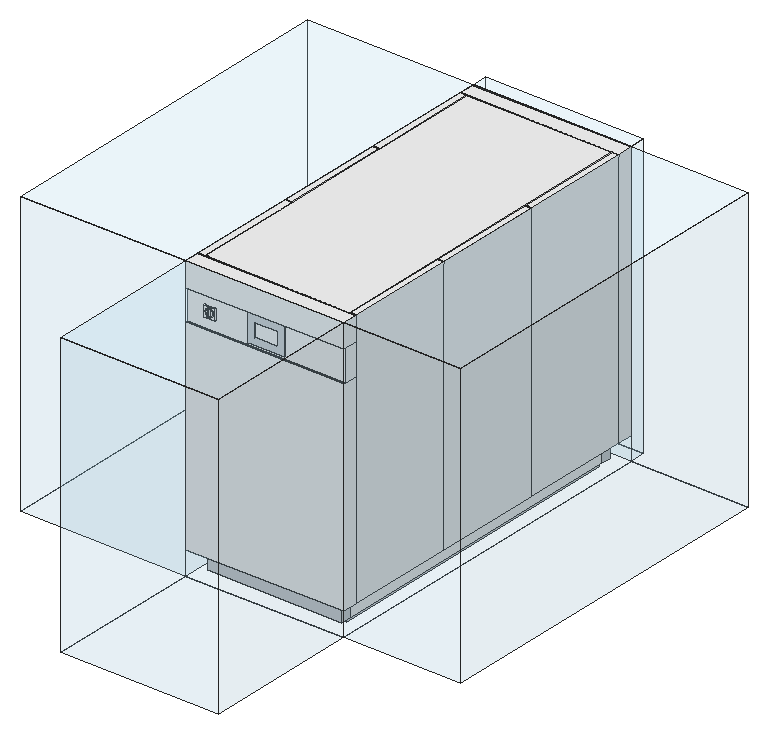
Revit family "VIESSMANN - Vitocal 350-G Pro", category Wyposażenie mechaniczne, Revit 2017
Family settings
  Wymiar okrągłego złącza = Użyj średnicy
  Typ części = Normalny
  Numer OmniClass = 23.75.10.21.17
  Tytuł OmniClass = Water-Source Heat Pumps
  Oparty na płaszczyźnie roboczej = Nie
  Zawsze pionowo = Tak
  Tnij formami wycięć po wczytaniu = Nie
  Współdzielony = Nie
  Punkt obliczania pomieszczeń = Nie
Parameters (values of type "BW 352.B027")
  Średnica odejścia 2 = 65 mm
  Średnica odejścia 1 = 65 mm
  Znamionowa moc grzewcza = 27.2 kW
  Zasilanie elektryczne (V/ph/Hz) = "3LNPE/400 V/50 Hz"
  Wysokość całkowita = 1450 mm
  Wydajność chłodnicza = 20.8 kW
  Współczynnik mocy = [Cos Phi sprężarki przy maks. mocy w B15/W35]  # 0.63
  Wielkość napełnienia (wytyczna) = 4.20 kg
  Wewnętrzne zabezpieczenie pomp i zaworów (3/N/PE) = "C40A"
  Wewnętrzne zabezpieczenie na sprężarkę (3/N/PE) = "gG25A"
  Viessmann Kolor 1 = Viessmann Kolor 1
  URL = "https://www.viessmann-projektant.pl/baza-urzadzen/pompy-ciepla-solankawoda-50-kw/vitocal350gpro"
  Typ = Vitocal 350-G Pro : BW 352.B027, BW 352.B034, BW 352.B056
  Szerokość całkowita = 811 mm
  System rozruchowy = "Moduł łagodnego rozruchu"
  Strefa serwisowa [instance] = yes
  Stopień ochrony = "IP20"
  Stopień efektywności ε (COP) = 4.2
  Rodzaj sprężarki = "Tłok"
  Prąd rozruchowy jednej sprężarki = 32 A
  Producent = "Viessmann Sp. z o.o."
  Poziom mocy akustycznej = "53 dB(A)"
  Podłączenie elektryczne wysokość = 1365.5 mm
  Podłączenie elektryczne odsunięcie = 696.5 mm
  Podłączenie D wysokość = 504 mm
  Podłączenie D odsunięcie = 106 mm
  Podłączenie C wysokość = 964 mm
  Podłączenie C odsunięcie = 106 mm
  Podłączenie B wysokość = 504 mm
  Podłączenie B odsunięcie = 389 mm
  Podłączenie A wysokość = 964 mm
  Podłączenie A odsunięcie = 389 mm
  Pobór mocy elektrycznej = 6.4 kW
  Opis = "Pompy ciepła z napędem elektrycznym do ogrzewania i podgrzewu ciepłej wody użytkowej w jedno- lub dwusystemowych instalacjach grzewczych."
  Odsunięcie strefy serwisowej w szerokości = Szerokość całkowita / 2  # 405.5 mm
  Odsunięcie od ściany komunikat [instance] = if(Odsunięcie od ściany < 80 mm, "UWAGA. Wymagana jest odległość od ściany ≥ 80 mm", "ok")  # "ok"
  Odsunięcie od ściany [instance] = 80 mm
  Obieg wtórny. Znamionowy przepływ objętościowy (wartość zalecana do projektowania) = 4.7 m³/h
  Obieg wtórny. Różnica temperatur = 5 °C
  Obieg wtórny. Pojemność wymiennika ciepła (woda) = 3.7 L
  Obieg wtórny. Opór przepływu przy znamionowym przepływie objętościowym (całkowita strata ciśnienia skraplacza z przyłączami) = 15.0 kPa
  Obieg wtórny. Opór przepływu przy minimalnym przepływie objętościowym = 8.0 kPa
  Obieg wtórny. Minimalny przepływ objętościowy = 3.5 m³/h
  Obieg wtórny. Min. temperatura na zasilaniu zasobnika lodu = -10 °C
  Obieg wtórny. Maks. temperatura na zasilaniu na wlocie z obiegu pierwotnego B -2°C = 73 °C
  Obieg wtórny. Dop. ciśnienie robocze = 1.0 MPa
  Obieg wtórny od strony zestawu przyłączy (kołnierz) = "DN 65/PN 10"
  Obieg wtórny od strony skraplacza (Victaulic) = "2½\" (DN 65)"
  Obieg pierwotny. Znamionowy przepływ objętościowy (wartość zalecana do projektowania) = 6.4 m³/h
  Obieg pierwotny. Różnica temperatur = 3 °C
  Obieg pierwotny. Pojemność wymiennika ciepła (solanka) = 4.4 L
  Obieg pierwotny. Opór przepływu przy znamionowym przepływie objętościowym (całkowita strata ciśnienia skraplacza z przyłączami) = 12.0 kPa
  Obieg pierwotny. Opór przepływu przy minimalnym przepływie objętościowym = 7.0 kPa
  Obieg pierwotny. Ochrona przed zamarzaniem/temperatura początku krystalizacji (zalecany czynnik chłodzący Tyfocor) = -16.1 °C
  Obieg pierwotny. Minimalny przepływ objętościowy = 4.8 m³/h
  Obieg pierwotny. Dop. ciśnienie robocze = 1.0 MPa
  Obieg pierwotny od strony zestawu przyłączy (kołnierz) = "DN 65/PN 10"
  Obieg pierwotny od strony parownika (Victaulic) = "2½\" (DN 65)"
  Obciążenie pozorne = Całkowity maksymalny pobór mocy / Współczynnik mocy  # 49206.3 VA
  Natężenie znamionowe sprężarek (łącznie) = 15 A
  Napięcie znamionowe = 400 V
  Model = "Solankowa pompa ciepła Vitocal 350-G PRO 80kW / Brine-water heat pump Vitocal 350-G PRO 80kW"  # constant formula
  Masa całkowita (urządzenie podstawowe bez opcjonalnej obudowy) = 555.00 kg
  Maksymalne dopuszczalne zabezpieczenie zasilania przez inwestora = 63 A
  Maks. prąd roboczy = 55 A
  Liczba sprężarek = 2
  Liczba obiegów chłodniczych = 1
  Liczba biegunów = 3  # constant formula
  Klasa efektywności energetycznej. Zastosowanie średniotemperaturowe (W55) = "A+"
  Klasa efektywności energetycznej. Zastosowanie niskotemperaturowe (W35) = "A+"
  Ilość oleju = 5.0 L
  Długość strefy serwisowej od przodu = 800 mm
  Długość całkowita = 1848 mm
  Dopuszczalne ciśnienie robocze. Strona wysokociśnieniowa = 2.6 MPa
  Dopuszczalne ciśnienie robocze. Strona niskociśnieniowa = 1.6 MPa
  Dane dotyczące mocy w trybie grzewczym. Zastosowanie średniotemperaturowe (W55). Sezonowy stopień efektywności (SCOP) = 3.01
  Dane dotyczące mocy w trybie grzewczym. Zastosowanie średniotemperaturowe (W55). Efektywność energetyczna = 112.00%
  Dane dotyczące mocy w trybie grzewczym. Zastosowanie niskotemperaturowe (W35). Sezonowy stopień efektywności (SCOP) = 3.87
  Dane dotyczące mocy w trybie grzewczym. Zastosowanie niskotemperaturowe (W35). Efektywność energetyczna = 147.00%
  Częstotliwość = 50 Hz
  Czynnik chłodniczy = "R134a"
  Cos Phi sprężarki przy maks. mocy w B15/W35 = 0.63
  Całkowity prąd rozruchowy = 74 A
  Całkowity maksymalny pobór mocy = 31.0 kW
  Autor = "www.archispace.pl"
Types (11, lengths in mm): name | Średnica odejścia 2 | Średnica odejścia 1 | Znamionowa moc grzewcza | Wysokość całkowita | Wydajność chłodnicza | Współczynnik mocy | Wielkość napełnienia (wytyczna) | Wewnętrzne zabezpieczenie na sprężarkę (3/N/PE) | Typ | Szerokość całkowita | Stopień efektywności ε (COP) | Prąd rozruchowy jednej sprężarki | Poziom mocy akustycznej | Pobór mocy elektrycznej | Odsunięcie strefy serwisowej w szerokości | Obieg wtórny. Znamionowy przepływ objętościowy (wartość zalecana do projektowania) | Obieg wtórny. Pojemność wymiennika ciepła (woda) | Obieg wtórny. Opór przepływu przy znamionowym przepływie objętościowym (całkowita strata ciśnienia skraplacza z przyłączami) | Obieg wtórny. Opór przepływu przy minimalnym przepływie objętościowym | Obieg wtórny. Minimalny przepływ objętościowy | Obieg wtórny od strony zestawu przyłączy (kołnierz) | Obieg wtórny od strony skraplacza (Victaulic) | Obieg pierwotny. Znamionowy przepływ objętościowy (wartość zalecana do projektowania) | Obieg pierwotny. Pojemność wymiennika ciepła (solanka) | Obieg pierwotny. Opór przepływu przy znamionowym przepływie objętościowym (całkowita strata ciśnienia skraplacza z przyłączami) | Obieg pierwotny. Opór przepływu przy minimalnym przepływie objętościowym | Obieg pierwotny. Minimalny przepływ objętościowy | Obieg pierwotny od strony zestawu przyłączy (kołnierz) | Obieg pierwotny od strony parownika (Victaulic) | Obciążenie pozorne | Natężenie znamionowe sprężarek (łącznie) | Masa całkowita (urządzenie podstawowe bez opcjonalnej obudowy) | Maksymalne dopuszczalne zabezpieczenie zasilania przez inwestora | Maks. prąd roboczy | Liczba sprężarek | Klasa efektywności energetycznej. Zastosowanie niskotemperaturowe (W35) | Ilość oleju | Długość całkowita | Dane dotyczące mocy w trybie grzewczym. Zastosowanie średniotemperaturowe (W55). Sezonowy stopień efektywności (SCOP) | Dane dotyczące mocy w trybie grzewczym. Zastosowanie średniotemperaturowe (W55). Efektywność energetyczna | Dane dotyczące mocy w trybie grzewczym. Zastosowanie niskotemperaturowe (W35). Sezonowy stopień efektywności (SCOP) | Dane dotyczące mocy w trybie grzewczym. Zastosowanie niskotemperaturowe (W35). Efektywność energetyczna | Cos Phi sprężarki przy maks. mocy w B15/W35 | Całkowity prąd rozruchowy | Całkowity maksymalny pobór mocy
  (no name) | 65 | 65 | 27.2 kW | 1450 | 20.8 kW | 0.63 | 4.20 kg | "gG25A" | Vitocal 350-G Pro : BW 352.B027, BW 352.B034, BW 352.B056 | 811 | 4.2 | 32 A | "53 dB(A)" | 6.4 kW | 405.5 | 4.7 m³/h | 3.7 L | 15.0 kPa | 8.0 kPa | 3.5 m³/h | "DN 65/PN 10" | "2½\" (DN 65)" | 6.4 m³/h | 4.4 L | 12.0 kPa | 7.0 kPa | 4.8 m³/h | "DN 65/PN 10" | "2½\" (DN 65)" | 49206.3 VA | 15 A | 555.00 kg | 63 A | 55 A | 2 | "A+" | 5.0 L | 1848 | 3.01 | 112.00% | 3.87 | 147.00% | 0.63 | 74 A | 31.0 kW
  BW 352.B027 | 65 | 65 | 27.2 kW | 1450 | 20.8 kW | 0.63 | 4.20 kg | "gG25A" | Vitocal 350-G Pro : BW 352.B027, BW 352.B034, BW 352.B056 | 811 | 4.2 | 32 A | "53 dB(A)" | 6.4 kW | 405.5 | 4.7 m³/h | 3.7 L | 15.0 kPa | 8.0 kPa | 3.5 m³/h | "DN 65/PN 10" | "2½\" (DN 65)" | 6.4 m³/h | 4.4 L | 12.0 kPa | 7.0 kPa | 4.8 m³/h | "DN 65/PN 10" | "2½\" (DN 65)" | 49206.3 VA | 15 A | 555.00 kg | 63 A | 55 A | 2 | "A+" | 5.0 L | 1848 | 3.01 | 112.00% | 3.87 | 147.00% | 0.63 | 74 A | 31.0 kW
  BW 352.B034 | 65 | 65 | 34.3 kW | 1450 | 26.4 kW | 0.63 | 5.20 kg | "gG25A" | Vitocal 350-G Pro : BW 352.B027, BW 352.B034, BW 352.B056 | 811 | 4.4 | 39 A | "54 dB(A)" | 7.9 kW | 405.5 | 5.9 m³/h | 4.7 L | 15.0 kPa | 8.0 kPa | 4.5 m³/h | "DN 65/PN 10" | "2½\" (DN 65)" | 8.2 m³/h | 5.5 L | 13.0 kPa | 7.0 kPa | 6.1 m³/h | "DN 65/PN 10" | "2½\" (DN 65)" | 55555.6 VA | 18.1 A | 672.00 kg | 63 A | 61 A | 2 | "A++" | 6.6 L | 1848 | 3.08 | 115.00% | 3.96 | 150.00% | 0.63 | 84 A | 35.0 kW
  BW 352.B056 | 65 | 65 | 56.1 kW | 1450 | 43.4 kW | 0.71 | 5.20 kg | "gG40A" | Vitocal 350-G Pro : BW 352.B027, BW 352.B034, BW 352.B056 | 811 | 4.4 | 65 A | "58 dB(A)" | 12.8 kW | 405.5 | 9.7 m³/h | 7.4 L | 16.0 kPa | 9.0 kPa | 7.3 m³/h | "DN 65/PN 10" | "2½\" (DN 65)" | 13.4 m³/h | 9.4 L | 14.0 kPa | 8.0 kPa | 10.1 m³/h | "DN 65/PN 10" | "2½\" (DN 65)" | 66197.2 VA | 29.1 A | 723.00 kg | 100 A | 82 A | 2 | "A++" | 6.6 L | 1848 | 3.12 | 117.00% | 4.03 | 153.00% | 0.71 | 120 A | 47.0 kW
  BW 352.B076 | 65 | 65 | 76.0 kW | 1650 | 58.8 kW | 0.71 | 7.50 kg | "gG63A" | Vitocal 350-G Pro : BW 352.B076, BW 352.B097, BW 352.B114 | 911 | 4.4 | 86 A | "60 dB(A)" | 17.3 kW | 455.5 | 13.2 m³/h | 10.2 L | 16.0 kPa | 9.0 kPa | 9.9 m³/h | "DN 65/PN 10" | "2½\" (DN 65)" | 18.2 m³/h | 12.9 L | 17.0 kPa | 9.0 kPa | 13.6 m³/h | "DN 65/PN 10" | "2½\" (DN 65)" | 78873.2 VA | 36.1 A | 963.00 kg | 100 A | 98 A | 2 | "A++" | 9.0 L | 2153 | 3.14 | 118.00% | 4.04 | 154.00% | 0.71 | 149 A | 56.0 kW
  BW 352.B097 | 65 | 65 | 96.9 kW | 1650 | 74.6 kW | 0.66 | 10.00 kg | "gG63A" | Vitocal 350-G Pro : BW 352.B076, BW 352.B097, BW 352.B114 | 911 | 4.4 | 104 A | "63 dB(A)" | 21.9 kW | 455.5 | 16.8 m³/h | 12.7 L | 18.0 kPa | 10.0 kPa | 12.6 m³/h | "DN 65/PN 10" | "2½\" (DN 65)" | 23.0 m³/h | 17.7 L | 19.0 kPa | 11.0 kPa | 17.3 m³/h | "DN 65/PN 10" | "2½\" (DN 65)" | 104545.5 VA | 53.6 A | 1065.00 kg | 125 A | 122 A | 2 | "A++" | 10.5 L | 2153 | 3.15 | 118.00% | 4.06 | 154.00% | 0.66 | 179 A | 69.0 kW
  BW 352.B114 | 80 | 80 | 114.2 kW | 1650 | 88.4 kW | 0.7 | 12.00 kg | "gG63A" | Vitocal 350-G Pro : BW 352.B076, BW 352.B097, BW 352.B114 | 911 | 4.4 | 126 A | "65 dB(A)" | 25.9 kW | 455.5 | 19.8 m³/h | 14.9 L | 20.0 kPa | 11.0 kPa | 14.8 m³/h | "DN 80/PN 10" | "3\" (DN 80)" | 27.3 m³/h | 21.9 L | 23.0 kPa | 13.0 kPa | 20.5 m³/h | "DN 80/PN 10" | "3\" (DN 80)" | 111428.6 VA | 57.2 A | 1113.00 kg | 160 A | 137 A | 2 | "A++" | 10.5 L | 2153 | 3.14 | 117.00% | 4.03 | 153.00% | 0.7 | 208 A | 78.0 kW
  BW 352.B132 | 80 | 80 | 131.9 kW | 1650 | 101.5 kW | 0.66 | 14.00 kg | "gG80A" | Vitocal 350-G Pro : BW 352.B132, BW 352.B156 | 911 | 4.3 | 144 A | "65 dB(A)" | 30.4 kW | 455.5 | 22.9 m³/h | 16.7 L | 23.0 kPa | 13.0 kPa | 17.1 m³/h | "DN 80/PN 10" | "3\" (DN 80)" | 31.3 m³/h | 33.6 L | 32.0 kPa | 18.0 kPa | 23.5 m³/h | "DN 80/PN 10" | "3\" (DN 80)" | 134848.5 VA | 73.2 A | 1209.00 kg | 160 A | 156 A | 2 | "A+" | 10.5 L | 2153 | 3.1 | 116.00% | 3.95 | 150.00% | 0.66 | 237 A | 89.0 kW
  BW 352.B156 | 80 | 80 | 155.0 kW | 1650 | 119.2 kW | 0.57 | 17.00 kg | "gG100A" | Vitocal 350-G Pro : BW 352.B132, BW 352.B156 | 911 | 4.3 | 188 A | "65 dB(A)" | 36.3 kW | 455.5 | 26.9 m³/h | 19.5 L | 27.0 kPa | 15.0 kPa | 20.1 m³/h | "DN 80/PN 10" | "3\" (DN 80)" | 36.8 m³/h | 39.0 L | 33.0 kPa | 19.0 kPa | 27.6 m³/h | "DN 80/PN 10" | "3\" (DN 80)" | 170175.4 VA | 101.8 A | 1260.00 kg | 200 A | 187 A | 2 | "A+" | 10.5 L | 2153 | 3.1 | 116.00% | 3.95 | 150.00% | 0.57 | 245 A | 97.0 kW
  BW 352.B172 | 80 | 80 | 170.2 kW | 1650 | 132.0 kW | 0.7 | 19.00 kg | "gG63A" | Vitocal 350-G Pro : BW 353.B172, BW 353.B198 | 911 | 4.4 | 126 A | "65 dB(A)" | 38.4 kW | 455.5 | 29.5 m³/h | 22.6 L | 28.0 kPa | 16.0 kPa | 22.1 m³/h | "DN 80/PN 10" | "3\" (DN 80)" | 40.8 m³/h | 43.2 L | 34.0 kPa | 19.0 kPa | 30.6 m³/h | "DN 80/PN 10" | "3\" (DN 80)" | 157142.9 VA | 85.8 A | 1604.00 kg | 200 A | 191 A | 3 | "A++" | 15.8 L | 2816 | 3.1 | 116.00% | 3.95 | 150.00% | 0.7 | 262 A | 110.0 kW
  BW 352.B198 | 80 | 80 | 197.0 kW | 1650 | 153.3 kW | 0.66 | 22.00 kg | "gG80A" | Vitocal 350-G Pro : BW 353.B172, BW 353.B198 | 911 | 4.3 | 144 A | "65 dB(A)" | 45.7 kW | 455.5 | 34.1 m³/h | 27.9 L | 32.0 kPa | 18.0 kPa | 25.6 m³/h | "DN 80/PN 10" | "3\" (DN 80)" | 47.3 m³/h | 50.4 L | 35.0 kPa | 19.0 kPa | 35.5 m³/h | "DN 80/PN 10" | "3\" (DN 80)" | 189393.9 VA | 109.8 A | 1678.00 kg | 250 A | 220 A | 3 | "A+" | 15.8 L | 2816 | 3.08 | 115.00% | 3.92 | 149.00% | 0.66 | 300 A | 125.0 kW
Values of the unnamed type that differ from the named types
  Obieg wtórny. Różnica temperatur = 5 (stored number, unit not read)
  Obieg pierwotny. Różnica temperatur = 3 (stored number, unit not read)
Reference planes
  plane 1 "Środek (Przód/Tył)": y = -30
  plane 2: z = 0
  plane 3 "Środek (Lewa/Prawa)": x = 0
  plane 4: y = 50
  plane 5: y = -1878
  plane 6: y = -1878
  plane 7: z = 1450
  plane 8: x = 405.5
  plane 9: x = -405.5
Forms (mm)
  Extrusion 1, solid, material "Viessmann Strefy Serwisowe", visible <- "Strefa serwisowa"
    sketch origin (0, 0, 0) x (1, 0, 0) y (0, 1, 0)
      loop
        line (-405.5, -30) -> (-1255.5, -30) -> (-1255.5, -1878) -> (-405.5, -1878) -> (-405.5, -30)
    from 0 to 1450
  Extrusion 2, solid, material "Viessmann Strefy Serwisowe", visible <- "Strefa serwisowa"
    sketch origin (0, 0, 0) x (-1, 0, 0) y (0, -1, 0)
      loop
        line (-405.5, 30) -> (-405.5, 1878) -> (-1005.5, 1878) -> (-1005.5, 30) -> (-405.5, 30)
    from 0 to 1450
  Extrusion 3, solid, material "Viessmann Strefy Serwisowe", visible <- "Strefa serwisowa"
    sketch origin (1476.269, 2188.659, 0) x (1, 0, 0) y (0, 1, 0)
      loop
        line (-1070.769, -2138.659) -> (-1881.769, -2138.659) -> (-1881.769, -2218.659) -> (-1070.769, -2218.659) -> (-1070.769, -2138.659)
    from 0 to 1450
  Extrusion 4, solid, material "Viessmann Strefy Serwisowe", visible <- "Strefa serwisowa"
    sketch origin (1476.269, 248.659, 0) x (1, 0, 0) y (0, 1, 0)
      loop
        line (-1070.769, -2126.659) -> (-1881.769, -2126.659) -> (-1881.769, -2926.659) -> (-1070.769, -2926.659) -> (-1070.769, -2126.659)
    from 0 to 1450
  Sweep 5, solid, not visible
    path origin (0, 0, 0) x (1, 0, 0) y (0, 1, 0)
      loop
        line (0, -80) -> (0, -30)
    profile origin (0, -55, 0) x (-1, 0, 0) y (0, 0, 1)
      loop
        circle (-299.5, 504) r 5
      loop
        circle (-16.5, 964) r 5
      loop
        circle (-16.5, 504) r 5
      loop
        circle (-299.5, 964) r 5
      loop
        circle (291, 1365.5) r 5
Dimensions and locks
  locked: Extrusion 1 sketch curve to Extrusion 1 sketch curve at 850
  locked: Extrusion 2 sketch curve to Extrusion 2 sketch curve at 600
  "Odsunięcie strefy serwisowej w szerokości": Extrusion 1 sketch curve to plane 3 "Środek (Lewa/Prawa)"
  "Odsunięcie strefy serwisowej w szerokości": plane 3 "Środek (Lewa/Prawa)" to Extrusion 2 sketch curve
  "Długość strefy serwisowej od przodu": Extrusion 4 sketch curve to Extrusion 4 sketch curve
  "Odsunięcie od ściany": plane 1 "Środek (Przód/Tył)" to plane 4
  "Długość całkowita": plane 5 to plane 1 "Środek (Przód/Tył)"
  "Długość całkowita": plane 6 to plane 1 "Środek (Przód/Tył)"
  "Wysokość całkowita": plane 7 to plane 2
  "Odsunięcie strefy serwisowej w szerokości": Extrusion 4 sketch curve to plane 3 "Środek (Lewa/Prawa)"
  "Odsunięcie strefy serwisowej w szerokości": plane 3 "Środek (Lewa/Prawa)" to Extrusion 4 sketch curve
  "Odsunięcie strefy serwisowej w szerokości": Extrusion 3 sketch curve to plane 3 "Środek (Lewa/Prawa)"
  "Odsunięcie strefy serwisowej w szerokości": plane 3 "Środek (Lewa/Prawa)" to Extrusion 3 sketch curve
  locked: Sweep 5 sketch curve to plane 1 "Środek (Przód/Tył)" at 50
  "Podłączenie D wysokość": level to Sweep 5 sketch curve
  "Podłączenie A wysokość": level to Sweep 5 sketch curve
  "Podłączenie C wysokość": level to Sweep 5 sketch curve
  "Podłączenie B wysokość": level to Sweep 5 sketch curve
  "Podłączenie elektryczne wysokość": level to Sweep 5 sketch curve
  equal spacing: plane 9, plane 3 "Środek (Lewa/Prawa)", plane 8
  "Szerokość całkowita": plane 9 to plane 8
  "Podłączenie D odsunięcie": Sweep 5 sketch curve to plane 8
  "Podłączenie A odsunięcie": Sweep 5 sketch curve to plane 8
  "Podłączenie B odsunięcie": Sweep 5 sketch curve to plane 8
  "Podłączenie C odsunięcie": Sweep 5 sketch curve to plane 8
  "Podłączenie elektryczne odsunięcie": Sweep 5 sketch curve to plane 8
  aligned and locked: level to plane 2
  aligned and locked: Extrusion 1 to plane 5
  aligned and locked: Extrusion 1 to Extrusion 2
  aligned and locked: Extrusion 4 to Extrusion 1
  aligned and locked: Extrusion 1 to plane 1 "Środek (Przód/Tył)"
  aligned and locked: Extrusion 2 to plane 1 "Środek (Przód/Tył)"
  aligned and locked: plane 7 to Extrusion 1
  aligned and locked: Extrusion 2 to plane 7
  aligned and locked: plane 7 to Extrusion 3
  aligned and locked: plane 7 to Extrusion 4
  aligned and locked: plane 1 "Środek (Przód/Tył)" to nested 1
  aligned and locked: plane 1 "Środek (Przód/Tył)" to Sweep 5 sketch curve
Automatic sketch dimensions
  Sweep 5 sketch curve to plane 3 "Środek (Lewa/Prawa)" = 0 mm
  Extrusion 1 sketch curve to plane 5 = 0 mm
  plane 1 "Środek (Przód/Tył)" to Extrusion 1 sketch curve = 0 mm
  Extrusion 2 sketch curve to plane 5 = 0 mm
  plane 1 "Środek (Przód/Tył)" to Extrusion 2 sketch curve = 0 mm
  plane 1 "Środek (Przód/Tył)" to Extrusion 3 sketch curve = 0 mm
  Extrusion 3 sketch curve to plane 4 = 0 mm
  Extrusion 4 sketch curve to plane 5 = 0 mm
  radius of Sweep 5 sketch curve = 5 mm  (x5)
Nested families
  nested 1: "Vitocal 350-G Pro" at (0, -30, 0), type <- "Typ", type "BW 352.B027, BW 352.B034, BW 352.B056"
Connectors
  piping at (299.5, -30, 964), diameter 65, driven by "Średnica odejścia 1", driven by "Obieg pierwotny. Znamionowy przepływ objętościowy (wartość zalecana do projektowania)"
    settings: on Sweep 5, index 2, connector inside diameter 609.6 mm, connector length 0 mm, flow factor 0, pipe flow 6.4 m³/h, pressure drop 0.0 kPa, fitting loss kfactor 0, connector angle 0.00°, fixture units 0, engagement length 0 mm, angle of deflection 0.00°, flow configuration 1, flow direction 1, fitting loss method 0, system type 8, joint type 0, gender type 0, connector reference index -1, connector utility 0, adjustable connector no, is connector primary yes, connector description ""
  piping at (16.5, -30, 964), diameter 65, driven by "Średnica odejścia 1", driven by "Obieg pierwotny. Znamionowy przepływ objętościowy (wartość zalecana do projektowania)"
    settings: on Sweep 5, index 3, connector inside diameter 609.6 mm, connector length 0 mm, flow factor 0, pipe flow 6.4 m³/h, pressure drop 0.0 kPa, fitting loss kfactor 0, connector angle 0.00°, fixture units 0, engagement length 0 mm, angle of deflection 0.00°, flow configuration 1, flow direction 2, fitting loss method 0, system type 7, joint type 0, gender type 0, connector reference index -1, connector utility 0, adjustable connector no, is connector primary no, connector description ""
  piping at (299.5, -30, 504), diameter 65, driven by "Średnica odejścia 1", driven by "Obieg wtórny. Znamionowy przepływ objętościowy (wartość zalecana do projektowania)"
    settings: on Sweep 5, index 4, connector inside diameter 609.6 mm, connector length 0 mm, flow factor 0, pipe flow 4.7 m³/h, pressure drop 0.0 kPa, fitting loss kfactor 0, connector angle 0.00°, fixture units 0, engagement length 0 mm, angle of deflection 0.00°, flow configuration 1, flow direction 1, fitting loss method 0, system type 8, joint type 0, gender type 0, connector reference index -1, connector utility 0, adjustable connector no, is connector primary no, connector description ""
  piping at (16.5, -30, 504), diameter 65, driven by "Średnica odejścia 1", driven by "Obieg wtórny. Znamionowy przepływ objętościowy (wartość zalecana do projektowania)"
    settings: on Sweep 5, index 5, connector inside diameter 609.6 mm, connector length 0 mm, flow factor 0, pipe flow 4.7 m³/h, pressure drop 0.0 kPa, fitting loss kfactor 0, connector angle 0.00°, fixture units 0, engagement length 0 mm, angle of deflection 0.00°, flow configuration 1, flow direction 2, fitting loss method 0, system type 7, joint type 0, gender type 0, connector reference index -1, connector utility 0, adjustable connector no, is connector primary no, connector description ""
  electrical at (-291, -30, 1365.5), driven by "Liczba biegunów", driven by "Napięcie znamionowe", driven by "Obciążenie pozorne", driven by "Współczynnik mocy", driven by "Obciążenie pozorne"
    settings: on Sweep 5, index 6, voltage 400 V, apparent load 49206.3 VA, apparent load phase1 49206.3 VA, apparent load phase2 0 VA, apparent load phase3 0 VA, power factor 0.63, load classification "Moc", number of poles 3, system type 30, power factor state 1, is connector primary yes, connector utility no, sub classification motor no, connector description ""
  electrical at (0, -35, 787)
    settings: on nested 1, index 7, voltage 0 V, apparent load 0 VA, apparent load phase1 0 VA, apparent load phase2 0 VA, apparent load phase3 0 VA, power factor 1, load classification "Inne", number of poles 1, system type 13, power factor state 1, is connector primary no, connector utility no, sub classification motor no, connector description ""
Definition of nested family "Vitocal 350-G Pro"
  Parameters (values of type "BW 352.B027, BW 352.B034, BW 352.B056")
    Wysokość = 1450 mm
    Szerokość = 811 mm
    Podłączenie D wysokość = 504 mm
    Podłączenie D odsunięcie = 106 mm
    Podłączenie C wysokość = 964 mm
    Podłączenie C odsunięcie = 106 mm
    Podłączenie B wysokość = 504 mm
    Podłączenie B odsunięcie = 389 mm
    Podłączenie A wysokość = 964 mm
    Podłączenie A odsunięcie = 389 mm
    Odstęp pomiędzy wycięciami = if(Inny odstęp, 1672 mm / 3, 659 mm)  # 557.333 mm
    Materiał = none
    Inny odstęp = yes
    Długość = 1848 mm
  Types (4, lengths in mm): name | Wysokość | Szerokość | Podłączenie D wysokość | Podłączenie D odsunięcie | Podłączenie C wysokość | Podłączenie C odsunięcie | Podłączenie B wysokość | Podłączenie B odsunięcie | Podłączenie A wysokość | Podłączenie A odsunięcie | Odstęp pomiędzy wycięciami | Inny odstęp | Długość
    BW 352.B027, BW 352.B034, BW 352.B056 | 1450 | 811 | 504 | 106 | 964 | 106 | 504 | 389 | 964 | 389 | 557.333 | yes | 1848
    BW 352.B076, BW 352.B097, BW 352.B114 | 1650 | 911 | 509 | 525 | 969 | 525 | 509 | 311 | 969 | 311 | 659 | no | 2153
    BW 352.B132, BW 352.B156 | 1650 | 911 | 487 | 526 | 947 | 526 | 582 | 380 | 1305 | 380 | 659 | no | 2153
    BW 353.B172, BW 353.B198 | 1650 | 911 | 487 | 526 | 947 | 526 | 582 | 380 | 1305 | 380 | 659 | no | 2816
  Reference planes
    plane 1 "Center (Front/Back)": y = 0
    plane 2: z = 0
    plane 3 "Center (Left/Right)": x = 0
    plane 4: y = -1380
    plane 5: z = 1450
    plane 6: z = 124
    plane 7: y = -1848
    plane 8: y = -1766
    plane 9: x = 405.5
    plane 10: x = -405.5
    plane 11: x = -403.5
    plane 12: x = 403.5
    plane 13: y = -1841.5
    plane 14: y = -1784
    plane 15: y = -1836
    plane 16: y = 8
    plane 17: y = 5
    plane 18: y = -5
  Forms (mm)
    Extrusion 1, solid, material <- "Materiał", detail levels fine
      sketch origin (0, -876.5, 0) x (1, 0, 0) y (0, 1, 0)
        loop
          line (-405.5, -889.5) -> (405.5, -889.5) -> (405.5, 794.5) -> (-405.5, 794.5) -> (-405.5, -889.5)
      from 124 to 1450
    Extrusion 2, solid, material <- "Materiał", detail levels fine
      sketch origin (0, 177.022, 0) x (0, 1, 0) y (0, 0, 1)
        loop
          line (-291.022, 124) -> (-1911.022, 124) -> (-1911.022, 22.5) -> (-291.022, 22.5) -> (-291.022, 124)
      from -343.5 to 343.5
    Sweep 3, void
      path origin (0, 0, 0) x (0, 1, 0) y (0, 0, 1)
        loop
          line (0, 1450) -> (0, 124)
      profile origin (0, 0, 787) x (1, 0, 0) y (0, 1, 0)
        loop
          line (-403.5, -1206.667) -> (-403.5, -1202.667) -> (-405.5, -1202.667) -> (-405.5, -1206.667) -> (-403.5, -1206.667)
        loop
          line (-403.5, -84) -> (-403.5, -80) -> (-405.5, -80) -> (-405.5, -84) -> (-403.5, -84)
        loop
          line (403.5, -1206.667) -> (405.5, -1206.667) -> (405.5, -1202.667) -> (403.5, -1202.667) -> (403.5, -1206.667)
        loop
          line (403.5, -84) -> (405.5, -84) -> (405.5, -80) -> (403.5, -80) -> (403.5, -84)
        loop
          line (-403.5, -645.333) -> (-403.5, -641.333) -> (-405.5, -641.333) -> (-405.5, -645.333) -> (-403.5, -645.333)
        loop
          line (403.5, -645.333) -> (405.5, -645.333) -> (405.5, -641.333) -> (403.5, -641.333) -> (403.5, -645.333)
        loop
          line (-403.5, -1768) -> (-403.5, -1764) -> (-405.5, -1764) -> (-405.5, -1768) -> (-403.5, -1768)
        loop
          line (-403.5, -2329.333) -> (-403.5, -2325.333) -> (-405.5, -2325.333) -> (-405.5, -2329.333) -> (-403.5, -2329.333)
        loop
          line (403.5, -1768) -> (405.5, -1768) -> (405.5, -1764) -> (403.5, -1764) -> (403.5, -1768)
        loop
          line (405.5, -2329.333) -> (405.5, -2325.333) -> (403.5, -2325.333) -> (403.5, -2329.333) -> (405.5, -2329.333)
    Extrusion 4, solid, detail levels fine
      sketch origin (0, 0, 0) x (0, 1, 0) y (0, 0, 1)
        loop
          line (-114, 124) -> (-114, 22.5) -> (-64, 22.5) -> (-64, 124) -> (-114, 124)
        loop
          line (-1734, 124) -> (-1784, 124) -> (-1784, 22.5) -> (-1734, 22.5) -> (-1734, 124)
      from -343.5 to 343.5
    Sweep 5, void
      path origin (0, 0, 0) x (1, 0, 0) y (0, 1, 0)
        loop
          line (-455.5, 0) -> (455.5, 0)
      profile origin (0, 0, 0) x (0, 1, 0) y (0, 0, 1)
        loop
          line (-80, 1450) -> (-84, 1450) -> (-84, 1448) -> (-80, 1448) -> (-80, 1450)
        loop
          line (-1764, 1450) -> (-1768, 1450) -> (-1768, 1448) -> (-1764, 1448) -> (-1764, 1450)
    Sweep 6, void
      path origin (0, 219.668, 1450) x (0, 1, 0) y (-1, 0, 0)
        loop
          line (-301.668, 0) -> (-1985.668, 0)
      profile origin (0, -924, 1450) x (1, 0, 0) y (0, 0, 1)
        loop
          line (-371, 0) -> (-375, 0) -> (-375, -2) -> (-371, -2) -> (-371, 0)
        loop
          line (371, 0) -> (371, -2) -> (375, -2) -> (375, 0) -> (371, 0)
    Extrusion 7, void
      sketch origin (0, 0, 0) x (0, 1, 0) y (0, 0, 1)
        loop
          line (-645.333, 1450) -> (-645.333, 1448) -> (-641.333, 1448) -> (-641.333, 1450) -> (-645.333, 1450)
        loop
          line (-1206.667, 1450) -> (-1206.667, 1448) -> (-1202.667, 1448) -> (-1202.667, 1450) -> (-1206.667, 1450)
      from 375 to 455.5
    Extrusion 8, void
      sketch origin (0, 0, 0) x (0, 1, 0) y (0, 0, -1)
        loop
          line (-645.333, -1450) -> (-641.333, -1450) -> (-641.333, -1448) -> (-645.333, -1448) -> (-645.333, -1450)
        loop
          line (-1206.667, -1450) -> (-1202.667, -1450) -> (-1202.667, -1448) -> (-1206.667, -1448) -> (-1206.667, -1450)
      from 371 to 455.5
    Extrusion 9, solid, material <- "Materiał", detail levels fine
      sketch origin (0, 0, -4) x (1, 0, 0) y (0, 0, 1)
        loop
          arc (-317.5, 1283) -> (-319.268, 1282.268) -> (-320, 1280.5) r 2.5
          line (-320, 1280.5) -> (-320, 1227.5)
          arc (-320, 1227.5) -> (-319.268, 1225.732) -> (-317.5, 1225) r 2.5
          line (-317.5, 1225) -> (-264.5, 1225)
          arc (-264.5, 1225) -> (-262.732, 1225.732) -> (-262, 1227.5) r 2.5
          line (-262, 1227.5) -> (-262, 1280.5)
          arc (-262, 1280.5) -> (-262.732, 1282.268) -> (-264.5, 1283) r 2.5
          line (-264.5, 1283) -> (-317.5, 1283)
        loop
          circle (-291, 1254) r 21
      from 1836 to 1840
    Extrusion 10, solid, material <- "Materiał", detail levels fine
      sketch origin (0, -303.004, 0) x (0, 1, 0) y (0, 0, 1)
        loop
          line (-1462.996, 1170) -> (-1544.996, 1170) -> (-1544.996, 124) -> (-1462.996, 124) -> (-1462.996, 1170)
      from -405.5 to 405.5
    Extrusion 11, solid, material <- "Materiał", detail levels fine
      sketch origin (0, -303.004, 920) x (0, 1, 0) y (0, 0, 1)
        loop
          line (-1462.996, 530) -> (-1544.996, 530) -> (-1544.996, 410) -> (-1462.996, 410) -> (-1462.996, 530)
      from -405.5 to 405.5
    Extrusion 12, solid, material <- "Materiał", detail levels fine
      sketch origin (0, -303.004, 660) x (0, 1, 0) y (0, 0, 1)
        loop
          line (-1462.996, 670) -> (-1532.996, 670) -> (-1532.996, 510) -> (-1462.996, 510) -> (-1462.996, 670)
      from -405.5 to 405.5
    Extrusion 13, solid, material <- "Materiał", detail levels fine
      sketch origin (0, -1380, 0) x (0, -1, 0) y (0, 0, -1)
        loop
          line (-1298, -1450) -> (-1298, -124) -> (-1375, -124) -> (-1375, -1450) -> (-1298, -1450)
      from -405.5 to 405.5
    Sweep 14, void
      path in 3D
        loop
          arc (-312, -1840, 1250) -> (-291, -1840, 1229) -> (-270, -1840, 1250) r 21
          arc (-270, -1840, 1250) -> (-291, -1840, 1271) -> (-312, -1840, 1250) r 21
      profile origin (-291, -1840, 1271) x (0, 0, -1) y (0, -1, 0)
        loop
          line (0, 0) -> (0, -2)
          arc (0, -2) -> (0.586, -0.586) -> (2, 0) r 2
          line (2, 0) -> (0, 0)
    Extrusion 15, solid, material <- "Materiał", detail levels fine
      sketch origin (-1545, 0, 959) x (0, 0, -1) y (1, 0, 0)
        loop
          arc (-309, 1256) -> (-311, 1254) -> (-309, 1252) r 2
          line (-309, 1252) -> (-273, 1252)
          arc (-273, 1252) -> (-271, 1254) -> (-273, 1256) r 2
          line (-273, 1256) -> (-309, 1256)
      from 1840 to 1846
    Extrusion 16, solid
      sketch origin (0, -5, 1450) x (0, 0, -1) y (-1, 0, 0)
        loop
          circle (84.5, 291) r 38
        loop
          circle (84.5, 181) r 38
      from 0 to 13
    Extrusion 17, solid
      sketch origin (-95, -5, 1450) x (0, 0, -1) y (-1, 0, 0)
        loop
          circle (84.5, -3) r 30.5
        loop
          circle (84.5, -88) r 30.5
        loop
          circle (84.5, -173) r 30.5
        loop
          circle (84.5, -258) r 30.5
      from 0 to 10
    Extrusion 18, void
      sketch origin (0, 0, 0) x (1, 0, 0) y (0, 0, 1)
        loop
          circle (14.5, 964) r 40
      from 5 to 0
    Extrusion 19, void
      sketch origin (0, 0, 0) x (1, 0, 0) y (0, 0, 1)
        loop
          circle (14.5, 504) r 40
      from 5 to 0
    Extrusion 20, void
      sketch origin (0, 0, 0) x (1, 0, 0) y (0, 0, 1)
        loop
          circle (297.5, 964) r 40
      from 5 to 0
    Extrusion 21, void
      sketch origin (0, 0, 0) x (1, 0, 0) y (0, 0, 1)
        loop
          circle (297.5, 504) r 40
      from 5 to 0
    Extrusion 22, solid, material <- "Materiał", detail levels fine
      sketch origin (0, 0, -4) x (1, 0, 0) y (0, 0, 1)
        loop
          circle (-291, 1254) r 21
      from 1836 to 1840
    Extrusion 23, solid, detail levels fine
      sketch origin (0, 0, 0) x (1, 0, 0) y (0, 0, 1)
        loop
          line (-95, 1319.5) -> (-95, 1180.5)
          arc (-95, 1180.5) -> (-94.268, 1178.732) -> (-92.5, 1178) r 2.5
          line (-92.5, 1178) -> (92.5, 1178)
          arc (92.5, 1178) -> (94.268, 1178.732) -> (95, 1180.5) r 2.5
          line (95, 1180.5) -> (95, 1319.5)
          arc (95, 1319.5) -> (94.268, 1321.268) -> (92.5, 1322) r 2.5
          line (92.5, 1322) -> (-92.5, 1322)
          arc (-92.5, 1322) -> (-94.268, 1321.268) -> (-95, 1319.5) r 2.5
        loop
          line (-59, 1283.5) -> (-59, 1216.5)
          arc (-59, 1216.5) -> (-58.268, 1214.732) -> (-56.5, 1214) r 2.5
          line (-56.5, 1214) -> (56.5, 1214)
          arc (56.5, 1214) -> (58.268, 1214.732) -> (59, 1216.5) r 2.5
          line (59, 1216.5) -> (59, 1283.5)
          arc (59, 1283.5) -> (58.268, 1285.268) -> (56.5, 1286) r 2.5
          line (56.5, 1286) -> (-56.5, 1286)
          arc (-56.5, 1286) -> (-58.268, 1285.268) -> (-59, 1283.5) r 2.5
      from 1836 to 1830.5
    Extrusion 24, solid, detail levels fine
      sketch origin (0, 0, 0) x (1, 0, 0) y (0, 0, 1)
        loop
          line (-330, 22.5) -> (-330, 0) -> (330, 0) -> (330, 22.5) -> (-330, 22.5)
      from 114 to 1734
    Extrusion 25, solid, material <- "Materiał", detail levels medium
      sketch origin (0, 177.022, 0) x (0, 1, 0) y (0, 0, 1)
        loop
          line (-241.022, 124) -> (-1961.022, 124) -> (-1961.022, 0) -> (-241.022, 0) -> (-241.022, 124)
      from -343.5 to 343.5
    Extrusion 26, solid, material <- "Materiał", detail levels medium
      sketch origin (0, -1380, 0) x (0, -1, 0) y (0, 0, -1)
        loop
          line (468, -1450) -> (468, -124) -> (-1380, -124) -> (-1380, -1450) -> (468, -1450)
      from -403.5 to 403.5
    Extrusion 27, solid, material <- "Materiał", detail levels coarse
      sketch origin (0, 0, 0) x (1, 0, 0) y (0, 1, 0)
        loop
          line (-405.5, -5) -> (-405.5, -1848) -> (405.5, -1848) -> (405.5, -5) -> (-405.5, -5)
      from 0 to 1450
  Cuts and joins
    Sweep 3, Sweep 5, Sweep 6, Extrusion 7, Extrusion 8 cuts Extrusion 1
    Sweep 3 cuts Extrusion 10
    Sweep 3, Sweep 5 cuts Extrusion 11
    Sweep 3, Sweep 5, Extrusion 18, Extrusion 19, Extrusion 20, Extrusion 21 cuts Extrusion 13
    joined: Extrusion 1, Extrusion 10, Extrusion 11, Extrusion 13
    Sweep 14 cuts Extrusion 22
    Sweep 3 cuts Extrusion 12
    Extrusion 18, Extrusion 19, Extrusion 20, Extrusion 21 cuts Extrusion 26
  Lines and regions (mm)
    sketch lines
      curve 1: arc (-270, -1840, 1250) -> (-291, -1840, 1271) -> (-312, -1840, 1250) r 21
      curve 2: arc (-312, -1840, 1250) -> (-291, -1840, 1229) -> (-270, -1840, 1250) r 21
  Dimensions and locks
    "Wysokość": plane 5 to level
    plane 6 to level = 124 mm
    "Podłączenie A wysokość": level to Extrusion 18 sketch curve
    "Podłączenie B wysokość": level to Extrusion 19 sketch curve
    "Podłączenie C wysokość": level to Extrusion 20 sketch curve
    "Podłączenie D wysokość": level to Extrusion 21 sketch curve
    "Długość": plane 1 "Center (Front/Back)" to plane 7
    locked: plane 8 to plane 7 at 82
    locked: Sweep 5 sketch curve to plane 8 at 2
    locked: plane 8 to Sweep 5 sketch curve at 2
    locked: Extrusion 4 sketch curve to plane 7 at 64
    locked: Extrusion 4 sketch curve to Extrusion 4 sketch curve at 50
    locked: plane 5 to Sweep 5 sketch curve at 2  (x2)
    equal spacing: plane 9, plane 3 "Center (Left/Right)", plane 10
    "Szerokość": plane 9 to plane 10
    locked: Extrusion 12 to plane 7 at 12
    locked: Extrusion 15 to plane 7 at 2
    locked: Extrusion 9 to plane 7 at 8
    locked: Extrusion 23 to Extrusion 12 at 5.5
    locked: plane 10 to plane 11 at 2
    locked: plane 12 to plane 9 at 2
    locked: Sweep 6 sketch curve to plane 10 at 30.5
    locked: Sweep 6 sketch curve to Sweep 6 sketch curve at 4  (x2)
    locked: plane 9 to Sweep 6 sketch curve at 30.5
    locked: Sweep 3 sketch curve to plane 1 "Center (Front/Back)" at 80  (x2)
    locked: Sweep 3 sketch curve to Sweep 3 sketch curve at 4  (x10)
    "Odstęp pomiędzy wycięciami": Sweep 3 sketch curve to Sweep 3 sketch curve  (x8)
    locked: plane 11 to Extrusion 4 at 60
    locked: plane 11 to Extrusion 2 at 60
    locked: plane 12 to Extrusion 4 at 60
    locked: plane 12 to Extrusion 2 at 60
    locked: Extrusion 4 to Extrusion 24 sketch curve at 13.5  (x2)
    locked: plane 5 to Extrusion 10 sketch curve at 280
    locked: plane 5 to Extrusion 22 sketch curve at 200
    locked: plane 5 to Extrusion 12 sketch curve at 120
    locked: plane 5 to Extrusion 12 sketch curve at 280
    "Podłączenie B odsunięcie": plane 12 to Extrusion 19 sketch curve
    "Podłączenie D odsunięcie": plane 12 to Extrusion 21 sketch curve
    "Podłączenie C odsunięcie": plane 12 to Extrusion 20 sketch curve
    "Podłączenie A odsunięcie": plane 12 to Extrusion 18 sketch curve
    locked: plane 1 "Center (Front/Back)" to Extrusion 25 sketch curve at 64
    locked: Extrusion 25 sketch curve to plane 7 at 64
    locked: plane 11 to Extrusion 25 at 60
    locked: plane 12 to Extrusion 25 at 60
    plane 16 to plane 17 to plane 1 "Center (Front/Back)" = 3 mm locked, 5 mm locked
    locked: plane 5 to Sweep 6 sketch curve at 2  (x2)
    locked: plane 5 to Extrusion 11 sketch curve at 120
    locked: plane 5 to Extrusion 16 sketch curve at 84.5  (x2)
    locked: plane 5 to Extrusion 17 sketch curve at 84.5  (x2)
    plane 5 to Extrusion 23 sketch curve to Extrusion 23 sketch curve to Extrusion 23 sketch curve to Extrusion 23 sketch curve = 128 mm locked, 36 mm locked, 72 mm locked, 36 mm locked
    Extrusion 23 sketch curve to Extrusion 23 sketch curve to plane 3 "Center (Left/Right)" to Extrusion 23 sketch curve to Extrusion 23 sketch curve = 36 mm locked, 59 mm locked, 59 mm locked, 36 mm locked
    plane 5 to Extrusion 9 sketch curve to Extrusion 9 sketch curve to Extrusion 9 sketch curve = 171 mm locked, 29 mm locked, 29 mm locked
    plane 5 to Extrusion 15 sketch curve to Extrusion 15 sketch curve = 182 mm locked, 36 mm locked
    aligned and locked: level to plane 2
    aligned and locked: Extrusion 11 sketch curve to plane 7
    aligned and locked: plane 8 to Extrusion 11 sketch curve
    aligned and locked: Extrusion 10 to plane 8
    aligned and locked: plane 7 to Extrusion 10
    aligned and locked: plane 8 to Extrusion 12 sketch curve
    aligned and locked: Extrusion 15 to Extrusion 9
    aligned and locked: plane 8 to Sweep 6 sketch curve
    aligned and locked: Extrusion 2 sketch curve to Extrusion 4
    aligned and locked: plane 8 to cut or joined group 1 (Extrusion 1, Sweep 3, Sweep 5, Sweep 6, Extrusion 7, Extrusion 8, Extrusion 10, Extrusion 11, Extrusion 13, Extrusion 18, Extrusion 19, Extrusion 20, Extrusion 21)
    aligned and locked: Extrusion 1 to Sweep 3
    aligned and locked: Sweep 6 sketch curve to plane 5  (x2)
    aligned and locked: plane 5 to Sweep 6 sketch curve
    aligned and locked: plane 5 to Sweep 5 sketch curve  (x2)
    aligned and locked: cut or joined group 1 to plane 10  (x3)
    aligned and locked: plane 10 to cut or joined group 1
    aligned and locked: cut or joined group 1 to plane 9  (x3)
    aligned and locked: plane 9 to cut or joined group 1
    aligned and locked: Extrusion 9 to Extrusion 12
    aligned and locked: Extrusion 12 to plane 10
    aligned and locked: Extrusion 12 to plane 9
    aligned and locked: Extrusion 9 to Extrusion 22  (x2)
    aligned and locked: Extrusion 23 to Extrusion 12
    aligned and locked: plane 5 to Sweep 3 sketch curve
    aligned and locked: plane 6 to Sweep 3 sketch curve
    aligned and locked: Sweep 3 sketch curve to plane 10  (x5)
    aligned and locked: Sweep 3 sketch curve to plane 11  (x5)
    aligned and locked: Sweep 3 sketch curve to plane 9  (x4)
    aligned and locked: plane 12 to Sweep 3 sketch curve  (x5)
    aligned and locked: plane 9 to Sweep 3 sketch curve
    aligned and locked: Extrusion 8 sketch curve to cut or joined group 1  (x2)
    aligned and locked: cut or joined group 1 to Extrusion 8 sketch curve  (x2)
    aligned and locked: Sweep 6 to Extrusion 8
    aligned and locked: Extrusion 7 to Sweep 6
    aligned and locked: Extrusion 7 sketch curve to cut or joined group 1  (x4)
    aligned and locked: level to Extrusion 24 sketch curve
    aligned and locked: Extrusion 2 to Extrusion 24
    aligned and locked: Extrusion 24 to Extrusion 2
    aligned and locked: Extrusion 11 sketch curve to plane 5
    aligned and locked: Extrusion 25 to level
    aligned and locked: plane 11 to Extrusion 26
    aligned and locked: plane 12 to Extrusion 26
    aligned and locked: Extrusion 26 to plane 1 "Center (Front/Back)"
    aligned and locked: plane 7 to Extrusion 26
    aligned and locked: Extrusion 26 to plane 5
    aligned and locked: plane 15 to cut or joined group of Sweep 3, Extrusion 12
    aligned and locked: plane 14 to Extrusion 25
    aligned and locked: Extrusion 16 to plane 16
    aligned and locked: Extrusion 17 to plane 17
    aligned and locked: plane 18 to cut or joined group of Extrusion 18, Extrusion 19, Extrusion 20, Extrusion 21, Extrusion 26
    aligned and locked: Extrusion 27 to Extrusion 16
    aligned and locked: Extrusion 27 to cut or joined group of Extrusion 18, Extrusion 19, Extrusion 20, Extrusion 21, Extrusion 26
    aligned and locked: plane 10 to Extrusion 27 sketch curve
    aligned and locked: Extrusion 27 sketch curve to plane 9
    aligned and locked: Extrusion 27 sketch curve to plane 7
    aligned and locked: Extrusion 27 to level
    aligned and locked: plane 5 to Extrusion 27
  Automatic sketch dimensions
    Sweep 6 sketch curve to plane 3 "Center (Left/Right)" = 0 mm
    plane 1 "Center (Front/Back)" to Sweep 6 sketch curve = 82 mm
    plane 8 to Extrusion 1 sketch curve = 0 mm
    Extrusion 1 sketch curve to plane 10 = 0 mm
    Extrusion 1 sketch curve to plane 9 = 0 mm
    plane 1 "Center (Front/Back)" to Extrusion 1 sketch curve = 82 mm
    Extrusion 2 sketch curve to plane 6 = 0 mm
    level to Extrusion 2 sketch curve = 22.5 mm
    plane 1 "Center (Front/Back)" to Extrusion 2 sketch curve = 114 mm
    Sweep 3 sketch curve to plane 1 "Center (Front/Back)" = 0 mm
    Extrusion 4 sketch curve to plane 6 = 0 mm  (x2)
    plane 1 "Center (Front/Back)" to Extrusion 4 sketch curve = 114 mm
    level to Extrusion 4 sketch curve = 22.5 mm  (x2)
    Extrusion 4 sketch curve to Extrusion 4 sketch curve = 50 mm
    plane 1 "Center (Front/Back)" to Sweep 5 sketch curve = 0 mm
    Sweep 5 sketch curve to plane 10 = 50 mm
    plane 9 to Sweep 5 sketch curve = 50 mm
    profile plane to Sweep 5 sketch curve = 84 mm
    Sweep 5 sketch curve to Sweep 5 sketch curve = 4 mm
    Extrusion 7 sketch curve to plane 5 = 0 mm  (x2)
    Extrusion 7 sketch curve to plane 5 = 2 mm  (x2)
    Extrusion 8 sketch curve to plane 5 = 0 mm  (x2)
    Extrusion 8 sketch curve to plane 5 = 2 mm  (x2)
    Extrusion 9 sketch curve to plane 11 = 83.5 mm
    Extrusion 9 sketch curve to Extrusion 9 sketch curve = 2.5 mm  (x3)
    Extrusion 9 sketch curve to Extrusion 9 sketch curve = 26.5 mm  (x3)
    Extrusion 10 sketch curve to plane 7 = 0 mm
    Extrusion 10 sketch curve to plane 6 = 0 mm
    Extrusion 10 sketch curve to plane 8 = 0 mm
    Extrusion 12 sketch curve to plane 7 = 12 mm
    plane 1 "Center (Front/Back)" to Extrusion 13 sketch curve = 5 mm
    Extrusion 13 sketch curve to plane 6 = 0 mm
    Extrusion 13 sketch curve to plane 5 = 0 mm
    plane 1 "Center (Front/Back)" to Extrusion 13 sketch curve = 82 mm
    Sweep 14 sketch curve to profile plane = 0 mm  (x2)
    Sweep 14 sketch curve to Sweep 14 sketch curve = 2 mm
    Extrusion 15 sketch curve to plane 11 = 110.5 mm
    Extrusion 15 sketch curve to Extrusion 15 sketch curve = 2 mm
    Extrusion 13 to Extrusion 16 sketch curve = 224.5 mm
    Extrusion 16 sketch curve to Extrusion 16 sketch curve = 110 mm
    Extrusion 17 sketch curve to Extrusion 13 = 84.5 mm  (x2)
    Extrusion 13 to Extrusion 17 sketch curve = 242.5 mm
    Extrusion 17 sketch curve to Extrusion 17 sketch curve = 85 mm  (x3)
    Extrusion 22 sketch curve to plane 11 = 112.5 mm
    Extrusion 23 sketch curve to Extrusion 23 sketch curve = 2.5 mm  (x6)
    Extrusion 23 sketch curve to Extrusion 23 sketch curve = 36 mm  (x2)
    level to Extrusion 24 sketch curve = 22.5 mm
    Extrusion 25 sketch curve to level = 0 mm
    Extrusion 25 sketch curve to plane 6 = 0 mm
    Extrusion 26 sketch curve to plane 1 "Center (Front/Back)" = 0 mm
    Extrusion 26 sketch curve to plane 6 = 0 mm
    Extrusion 26 sketch curve to plane 7 = 0 mm
    Extrusion 26 sketch curve to plane 5 = 0 mm
    plane 18 to Extrusion 27 sketch curve = 0 mm
    radius of Extrusion 16 sketch curve = 38 mm  (x2)
    radius of Extrusion 17 sketch curve = 30.5 mm  (x4)
    radius of Extrusion 22 sketch curve = 21 mm
    radius of Extrusion 9 sketch curve = 21 mm
    radius of Extrusion 18 sketch curve = 40 mm
    radius of Extrusion 19 sketch curve = 40 mm
    radius of Extrusion 20 sketch curve = 40 mm
    radius of Extrusion 21 sketch curve = 40 mm
